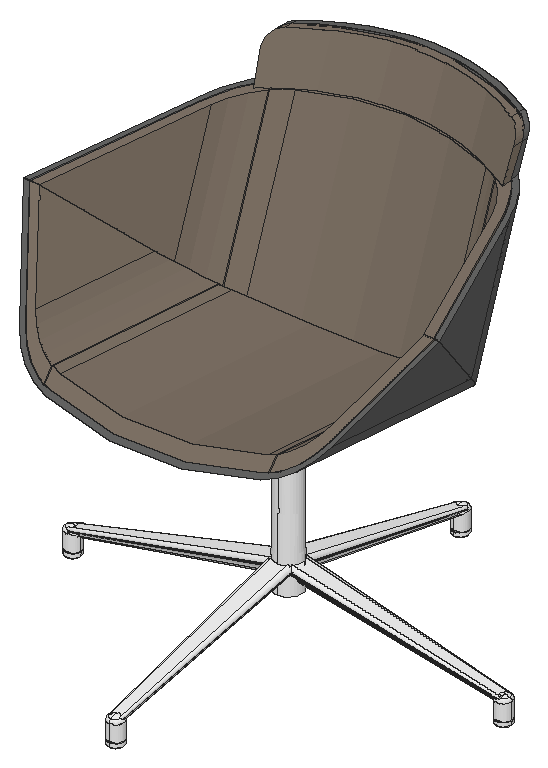
Revit family "Chair-Multi_Purpose-Allermuir-Phoulds PH2", category Furniture, Revit 2012 (continued)
Automatic sketch dimensions
  curve 57 to curve 62 = 0.13601"
  curve 82 to plane 1 "Center Front/Back" = 0.50286"
  curve 55 to plane 1 "Center Front/Back" = 0.50587"
  plane 8 to curve 72 = 1.06791"
  curve 72 to curve 80 = 0.02828"
  curve 76 to curve 74 = 0.19259"
  curve 76 to curve 79 = 0.44492"
  curve 74 to curve 78 = 0.24932"
  curve 78 to curve 77 = 0.0454"
  curve 79 to curve 73 = 0.10406"
  curve 78 to curve 73 = 0.13571"
  curve 79 to curve 80 = 0.16988"
  curve 78 to curve 73 = 0.05076"
  Extrusion 12 sketch curve to plane 3 "Center Left/Right" = 0"
  Revolve 13 sketch curve to plane 1 "Center Front/Back" = 0"
  Revolve 13 sketch curve to plane 1 "Center Front/Back" = 0.78959"
  Revolve 13 sketch curve to Revolve 13 sketch curve = 0.89794"
  Revolve 13 sketch curve to Revolve 13 sketch curve = 0.12586"
  level to Revolve 13 sketch curve = 3.03886"
  Revolve 13 sketch curve to plane 4 = 3.85478"
  Revolve 13 sketch curve to Revolve 13 sketch curve = 0.52977"
  Revolve 13 sketch curve to plane 4 = 0.91657"
  SweptBlend 14 sketch curve to plane 3 "Center Left/Right" = 0"
  SweptBlend 14 sketch curve to SweptBlend 14 sketch curve = 14.07799"
  profile plane to SweptBlend 14 sketch curve = 1.0609"
  profile plane to SweptBlend 14 sketch curve = 0.84908"
  SweptBlend 14 sketch curve to SweptBlend 14 sketch curve = 0"  (x20)
  SweptBlend 14 sketch curve to SweptBlend 14 sketch curve = 0.01022"
  SweptBlend 14 sketch curve to SweptBlend 14 sketch curve = 0.05217"
  SweptBlend 14 sketch curve to SweptBlend 14 sketch curve = 0.02396"
  SweptBlend 14 sketch curve to SweptBlend 14 sketch curve = 0.26712"
  SweptBlend 14 sketch curve to SweptBlend 14 sketch curve = 0.19881"
  profile plane to SweptBlend 14 sketch curve = 0.20728"
  profile plane to SweptBlend 14 sketch curve = 0.20431"
  profile plane to SweptBlend 14 sketch curve = 0.0031"
  SweptBlend 14 sketch curve to profile plane = 0"  (x2)
  SweptBlend 14 sketch curve to profile plane = 0.20433"
  SweptBlend 14 sketch curve to profile plane = 0.2073"
  SweptBlend 14 sketch curve to SweptBlend 14 sketch curve = 0.35654"
  SweptBlend 14 sketch curve to SweptBlend 14 sketch curve = 0.01824"
  SweptBlend 14 sketch curve to SweptBlend 14 sketch curve = 0.19882"
  SweptBlend 14 sketch curve to SweptBlend 14 sketch curve = 0.02399"
  SweptBlend 14 sketch curve to SweptBlend 14 sketch curve = 0.07622"
  SweptBlend 14 sketch curve to SweptBlend 14 sketch curve = 0.01016"
  SweptBlend 14 sketch curve to profile plane = 19.25468"
  profile plane to SweptBlend 14 sketch curve = 0.55466"
  profile plane to SweptBlend 14 sketch curve = 0.44392"
  SweptBlend 14 sketch curve to SweptBlend 14 sketch curve = 0.00535"
  SweptBlend 14 sketch curve to SweptBlend 14 sketch curve = 0.02728"
  SweptBlend 14 sketch curve to SweptBlend 14 sketch curve = 0.0398"
  SweptBlend 14 sketch curve to SweptBlend 14 sketch curve = 0.13966"
  SweptBlend 14 sketch curve to SweptBlend 14 sketch curve = 0.10394"
  profile plane to SweptBlend 14 sketch curve = 0.10837"
  profile plane to SweptBlend 14 sketch curve = 0.10682"
  profile plane to SweptBlend 14 sketch curve = 0.00162"
  SweptBlend 14 sketch curve to profile plane = 0.10683"
  SweptBlend 14 sketch curve to profile plane = 0.10838"
  SweptBlend 14 sketch curve to SweptBlend 14 sketch curve = 0.18641"
  SweptBlend 14 sketch curve to SweptBlend 14 sketch curve = 0.00954"
  SweptBlend 14 sketch curve to SweptBlend 14 sketch curve = 0.10395"
  SweptBlend 14 sketch curve to SweptBlend 14 sketch curve = 0.01254"
  SweptBlend 14 sketch curve to SweptBlend 14 sketch curve = 0.03985"
  SweptBlend 14 sketch curve to SweptBlend 14 sketch curve = 0.00531"
  SweptBlend 14 sketch curve to profile plane = 16.42939"
  Revolve 15 sketch curve to level = 0"
  level to Revolve 15 sketch curve = 0.39013"
  plane 9 to Revolve 15 sketch curve = 3.87349"
  level to Revolve 15 sketch curve = 0.11054"
  Revolve 15 sketch curve to Revolve 15 sketch curve = 0"  (x3)
  Revolve 15 sketch curve to Revolve 15 sketch curve = 0.01662"
  level to Revolve 15 sketch curve = 0.32361"
  Revolve 15 sketch curve to Revolve 15 sketch curve = 0.02639"
  Revolve 15 sketch curve to Revolve 15 sketch curve = 0.05676"
  Revolve 15 sketch curve to Revolve 15 sketch curve = 0.10984"
  Revolve 15 sketch curve to Revolve 15 sketch curve = 0.12901"
  Revolve 15 sketch curve to Revolve 15 sketch curve = 0.12099"
  Revolve 15 sketch curve to Revolve 15 sketch curve = 9/32"
  level to Revolve 15 sketch curve = 0.31404"
  Revolve 15 sketch curve to Revolve 15 sketch curve = 0.36381"
  Revolve 15 sketch curve to Revolve 15 sketch curve = 0.48691"
  Revolve 15 sketch curve to Revolve 15 sketch curve = 0.22288"
  plane 1 "Center Front/Back" to SweptBlend 16 sketch curve = 0"
  SweptBlend 16 sketch curve to SweptBlend 16 sketch curve = 14.07799"
  profile plane to SweptBlend 16 sketch curve = 1.0609"
  profile plane to SweptBlend 16 sketch curve = 0.84908"
  SweptBlend 16 sketch curve to SweptBlend 16 sketch curve = 0"  (x20)
  SweptBlend 16 sketch curve to SweptBlend 16 sketch curve = 0.01022"
  SweptBlend 16 sketch curve to SweptBlend 16 sketch curve = 0.05217"
  SweptBlend 16 sketch curve to SweptBlend 16 sketch curve = 0.07613"
  SweptBlend 16 sketch curve to SweptBlend 16 sketch curve = 0.26712"
  SweptBlend 16 sketch curve to SweptBlend 16 sketch curve = 0.19881"
  profile plane to SweptBlend 16 sketch curve = 0.20728"
  profile plane to SweptBlend 16 sketch curve = 0.20431"
  profile plane to SweptBlend 16 sketch curve = 0.0031"
  SweptBlend 16 sketch curve to profile plane = 0"  (x2)
  SweptBlend 16 sketch curve to profile plane = 0.20433"
  SweptBlend 16 sketch curve to profile plane = 0.2073"
  SweptBlend 16 sketch curve to SweptBlend 16 sketch curve = 0.35654"
  SweptBlend 16 sketch curve to SweptBlend 16 sketch curve = 0.01824"
  SweptBlend 16 sketch curve to SweptBlend 16 sketch curve = 0.19882"
  SweptBlend 16 sketch curve to SweptBlend 16 sketch curve = 0.02399"
  SweptBlend 16 sketch curve to SweptBlend 16 sketch curve = 0.07622"
  SweptBlend 16 sketch curve to SweptBlend 16 sketch curve = 0.01016"
  SweptBlend 16 sketch curve to profile plane = 19.25468"
  profile plane to SweptBlend 16 sketch curve = 0.55466"
  profile plane to SweptBlend 16 sketch curve = 0.44392"
  SweptBlend 16 sketch curve to SweptBlend 16 sketch curve = 0.00535"
  SweptBlend 16 sketch curve to SweptBlend 16 sketch curve = 0.02728"
  SweptBlend 16 sketch curve to SweptBlend 16 sketch curve = 0.01253"
  SweptBlend 16 sketch curve to SweptBlend 16 sketch curve = 0.13966"
  SweptBlend 16 sketch curve to SweptBlend 16 sketch curve = 0.10394"
  profile plane to SweptBlend 16 sketch curve = 0.10837"
  profile plane to SweptBlend 16 sketch curve = 0.10682"
  profile plane to SweptBlend 16 sketch curve = 0.00162"
  SweptBlend 16 sketch curve to profile plane = 0.10683"
  SweptBlend 16 sketch curve to profile plane = 0.10838"
  SweptBlend 16 sketch curve to SweptBlend 16 sketch curve = 0.18641"
  SweptBlend 16 sketch curve to SweptBlend 16 sketch curve = 0.00954"
  SweptBlend 16 sketch curve to SweptBlend 16 sketch curve = 0.10395"
  SweptBlend 16 sketch curve to SweptBlend 16 sketch curve = 0.01254"
  SweptBlend 16 sketch curve to SweptBlend 16 sketch curve = 0.03985"
  SweptBlend 16 sketch curve to SweptBlend 16 sketch curve = 0.00531"
  SweptBlend 16 sketch curve to profile plane = 16.42939"
  SweptBlend 17 sketch curve to plane 3 "Center Left/Right" = 0"
  SweptBlend 17 sketch curve to SweptBlend 17 sketch curve = 14.07799"
  profile plane to SweptBlend 17 sketch curve = 1.0609"
  profile plane to SweptBlend 17 sketch curve = 0.84908"
  SweptBlend 17 sketch curve to SweptBlend 17 sketch curve = 0"  (x20)
  SweptBlend 17 sketch curve to SweptBlend 17 sketch curve = 0.01022"
  SweptBlend 17 sketch curve to SweptBlend 17 sketch curve = 0.05217"
  SweptBlend 17 sketch curve to SweptBlend 17 sketch curve = 0.07613"
  SweptBlend 17 sketch curve to SweptBlend 17 sketch curve = 0.26712"
  SweptBlend 17 sketch curve to SweptBlend 17 sketch curve = 0.19881"
  profile plane to SweptBlend 17 sketch curve = 0.20728"
  profile plane to SweptBlend 17 sketch curve = 0.20431"
  profile plane to SweptBlend 17 sketch curve = 0.0031"
  SweptBlend 17 sketch curve to profile plane = 0"  (x2)
  SweptBlend 17 sketch curve to profile plane = 0.20433"
  SweptBlend 17 sketch curve to profile plane = 0.2073"
  SweptBlend 17 sketch curve to SweptBlend 17 sketch curve = 0.35654"
  SweptBlend 17 sketch curve to SweptBlend 17 sketch curve = 0.01824"
  SweptBlend 17 sketch curve to SweptBlend 17 sketch curve = 0.19882"
  SweptBlend 17 sketch curve to SweptBlend 17 sketch curve = 0.02399"
  SweptBlend 17 sketch curve to SweptBlend 17 sketch curve = 0.07622"
  SweptBlend 17 sketch curve to SweptBlend 17 sketch curve = 0.01016"
  SweptBlend 17 sketch curve to profile plane = 19.25468"
  profile plane to SweptBlend 17 sketch curve = 0.55466"
  profile plane to SweptBlend 17 sketch curve = 0.44392"
  SweptBlend 17 sketch curve to SweptBlend 17 sketch curve = 0.00535"
  SweptBlend 17 sketch curve to SweptBlend 17 sketch curve = 0.02728"
  SweptBlend 17 sketch curve to SweptBlend 17 sketch curve = 0.01253"
  SweptBlend 17 sketch curve to SweptBlend 17 sketch curve = 0.13966"
  SweptBlend 17 sketch curve to SweptBlend 17 sketch curve = 0.10394"
  profile plane to SweptBlend 17 sketch curve = 0.10837"
  profile plane to SweptBlend 17 sketch curve = 0.10682"
  profile plane to SweptBlend 17 sketch curve = 0.00162"
  SweptBlend 17 sketch curve to profile plane = 0.10683"
  SweptBlend 17 sketch curve to profile plane = 0.10838"
  SweptBlend 17 sketch curve to SweptBlend 17 sketch curve = 0.18641"
  SweptBlend 17 sketch curve to SweptBlend 17 sketch curve = 0.00954"
  SweptBlend 17 sketch curve to SweptBlend 17 sketch curve = 0.10395"
  SweptBlend 17 sketch curve to SweptBlend 17 sketch curve = 0.01254"
  SweptBlend 17 sketch curve to SweptBlend 17 sketch curve = 0.03985"
  SweptBlend 17 sketch curve to SweptBlend 17 sketch curve = 0.00531"
  SweptBlend 17 sketch curve to profile plane = 16.42939"
  Revolve 18 sketch curve to level = 0"
  level to Revolve 18 sketch curve = 0.39013"
  Revolve 18 sketch curve to plane 6 = 3.24849"
  level to Revolve 18 sketch curve = 0.11054"
  Revolve 18 sketch curve to Revolve 18 sketch curve = 0"  (x3)
  Revolve 18 sketch curve to Revolve 18 sketch curve = 0.01662"
  level to Revolve 18 sketch curve = 0.32361"
  Revolve 18 sketch curve to Revolve 18 sketch curve = 0.02639"
  Revolve 18 sketch curve to Revolve 18 sketch curve = 0.05676"
  Revolve 18 sketch curve to Revolve 18 sketch curve = 0.10984"
  Revolve 18 sketch curve to Revolve 18 sketch curve = 0.12901"
  Revolve 18 sketch curve to Revolve 18 sketch curve = 0.12099"
  Revolve 18 sketch curve to Revolve 18 sketch curve = 9/32"
  level to Revolve 18 sketch curve = 0.31404"
  Revolve 18 sketch curve to Revolve 18 sketch curve = 0.36381"
  Revolve 18 sketch curve to Revolve 18 sketch curve = 0.48691"
  Revolve 18 sketch curve to Revolve 18 sketch curve = 0.22288"
  Revolve 19 sketch curve to level = 0"
  level to Revolve 19 sketch curve = 0.39013"
  Revolve 19 sketch curve to plane 7 = 3.24849"
  level to Revolve 19 sketch curve = 0.11054"
  Revolve 19 sketch curve to Revolve 19 sketch curve = 0"  (x3)
  Revolve 19 sketch curve to Revolve 19 sketch curve = 0.01662"
  level to Revolve 19 sketch curve = 0.32361"
  Revolve 19 sketch curve to Revolve 19 sketch curve = 0.02639"
  Revolve 19 sketch curve to Revolve 19 sketch curve = 0.05676"
  Revolve 19 sketch curve to Revolve 19 sketch curve = 0.10984"
  Revolve 19 sketch curve to Revolve 19 sketch curve = 0.12901"
  Revolve 19 sketch curve to Revolve 19 sketch curve = 0.12099"
  Revolve 19 sketch curve to Revolve 19 sketch curve = 9/32"
  level to Revolve 19 sketch curve = 0.31404"
  Revolve 19 sketch curve to Revolve 19 sketch curve = 0.36381"
  Revolve 19 sketch curve to Revolve 19 sketch curve = 0.48691"
  Revolve 19 sketch curve to Revolve 19 sketch curve = 0.22288"
  Revolve 20 sketch curve to level = 0"
  level to Revolve 20 sketch curve = 0.39013"
  plane 8 to Revolve 20 sketch curve = 3.87349"
  level to Revolve 20 sketch curve = 0.11054"
  Revolve 20 sketch curve to Revolve 20 sketch curve = 0"  (x3)
  Revolve 20 sketch curve to Revolve 20 sketch curve = 0.01662"
  level to Revolve 20 sketch curve = 0.32361"
  Revolve 20 sketch curve to Revolve 20 sketch curve = 0.02639"
  Revolve 20 sketch curve to Revolve 20 sketch curve = 0.05676"
  Revolve 20 sketch curve to Revolve 20 sketch curve = 0.10984"
  Revolve 20 sketch curve to Revolve 20 sketch curve = 0.12901"
  Revolve 20 sketch curve to Revolve 20 sketch curve = 0.12099"
  Revolve 20 sketch curve to Revolve 20 sketch curve = 9/32"
  level to Revolve 20 sketch curve = 0.31404"
  Revolve 20 sketch curve to Revolve 20 sketch curve = 0.36381"
  Revolve 20 sketch curve to Revolve 20 sketch curve = 0.48691"
  Revolve 20 sketch curve to Revolve 20 sketch curve = 0.22288"
  plane 1 "Center Front/Back" to SweptBlend 21 sketch curve = 0"
  SweptBlend 21 sketch curve to SweptBlend 21 sketch curve = 14.07799"
  profile plane to SweptBlend 21 sketch curve = 1.06091"
  profile plane to SweptBlend 21 sketch curve = 0.84904"
  SweptBlend 21 sketch curve to SweptBlend 21 sketch curve = 0"  (x20)
  SweptBlend 21 sketch curve to SweptBlend 21 sketch curve = 0.01016"
  SweptBlend 21 sketch curve to SweptBlend 21 sketch curve = 0.05223"
  SweptBlend 21 sketch curve to SweptBlend 21 sketch curve = 0.07622"
  SweptBlend 21 sketch curve to SweptBlend 21 sketch curve = 0.26696"
  SweptBlend 21 sketch curve to SweptBlend 21 sketch curve = 0.19882"
  profile plane to SweptBlend 21 sketch curve = 0.2073"
  profile plane to SweptBlend 21 sketch curve = 0.20433"
  profile plane to SweptBlend 21 sketch curve = 0"  (x2)
  SweptBlend 21 sketch curve to profile plane = 0.0031"
  SweptBlend 21 sketch curve to profile plane = 0.20431"
  SweptBlend 21 sketch curve to profile plane = 0.20728"
  SweptBlend 21 sketch curve to SweptBlend 21 sketch curve = 0.35663"
  SweptBlend 21 sketch curve to SweptBlend 21 sketch curve = 0.01804"
  SweptBlend 21 sketch curve to SweptBlend 21 sketch curve = 0.19881"
  SweptBlend 21 sketch curve to SweptBlend 21 sketch curve = 0.02396"
  SweptBlend 21 sketch curve to SweptBlend 21 sketch curve = 0.07613"
  SweptBlend 21 sketch curve to SweptBlend 21 sketch curve = 0.01022"
  SweptBlend 21 sketch curve to profile plane = 19.25468"
  profile plane to SweptBlend 21 sketch curve = 71/128"
  profile plane to SweptBlend 21 sketch curve = 0.4439"
  SweptBlend 21 sketch curve to SweptBlend 21 sketch curve = 0.00531"
  SweptBlend 21 sketch curve to SweptBlend 21 sketch curve = 0.02731"
  SweptBlend 21 sketch curve to SweptBlend 21 sketch curve = 0.03985"
  SweptBlend 21 sketch curve to SweptBlend 21 sketch curve = 0.13957"
  SweptBlend 21 sketch curve to SweptBlend 21 sketch curve = 0.10395"
  profile plane to SweptBlend 21 sketch curve = 0.10838"
  profile plane to SweptBlend 21 sketch curve = 0.10683"
  SweptBlend 21 sketch curve to profile plane = 0.00162"
  SweptBlend 21 sketch curve to profile plane = 0.10682"
  SweptBlend 21 sketch curve to profile plane = 0.10837"
  SweptBlend 21 sketch curve to SweptBlend 21 sketch curve = 0.18646"
  SweptBlend 21 sketch curve to SweptBlend 21 sketch curve = 0.00943"
  SweptBlend 21 sketch curve to SweptBlend 21 sketch curve = 0.10394"
  SweptBlend 21 sketch curve to SweptBlend 21 sketch curve = 0.01253"
  SweptBlend 21 sketch curve to SweptBlend 21 sketch curve = 0.0398"
  SweptBlend 21 sketch curve to SweptBlend 21 sketch curve = 0.00535"
  SweptBlend 21 sketch curve to profile plane = 16.42939"
  radius of Extrusion 12 sketch curve = 2.95218"
